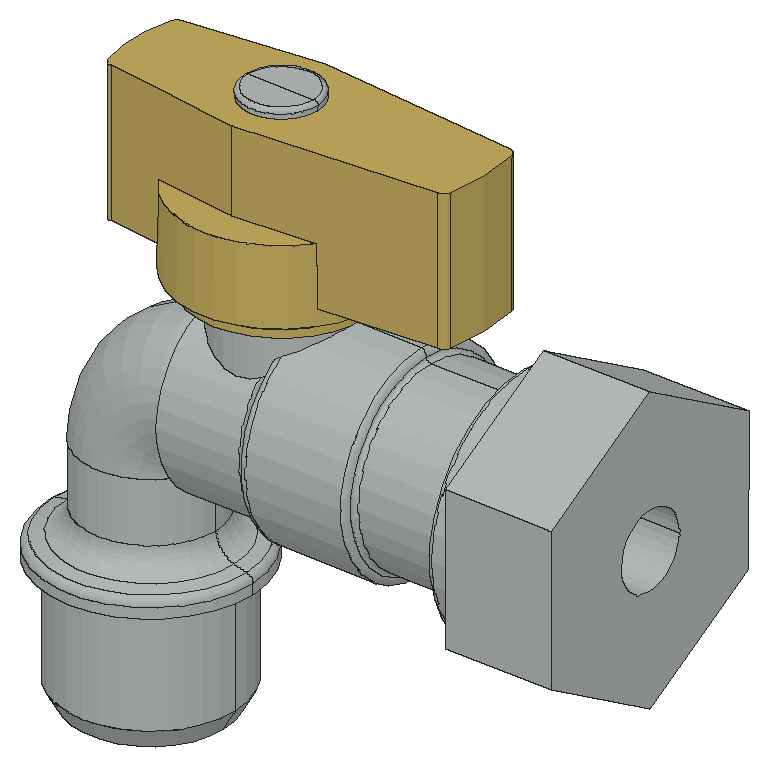
Revit family "QP21800000", category Apparecchi idraulici, Revit 2020
Family settings
  Quota connettore circolare = Usa diametro
  Tipo di parte = Normale
  Numero OmniClass = 23.45.00.00
  Titolo OmniClass = Sanitary, Laundry, and Cleaning Equipment
  Basato su piano di lavoro = No
  Sempre verticale = Sì
  Taglio con vuoti quando caricato = No
  Condiviso = No
  Punto di calcolo locali = No
Parameters
  URL = "https://web.cimberio.com/index.php/figura/142?subcategoria_id=95875"
  Temperatura di esercizio = "-20 ÷ 60°C"
  Prospetto di default = 0 mm
  Produttore = "CIMBERIO SPA"
  Pressione nominale = "MOP 5"
  Modello = "Cim 185"
  Materiale = "Prodotto in lega di ottone conforme alla norma EN 12165-CW617N-DW"
  Descrizione = "Utilizzato nell’impiantistica distributiva di gas a bassa pressione per le categorie:\r\nGas naturali: gas derivati dal petrolio (Metano) e gas di ricambio.\r\nGas di città: prodotti secondo i diversi procedimenti (Cracking - Cokerie - ecc.).\r\nGas liquidi: propano e miscele di gas propano/butano"
  DN Model [instance] = QP21802099 : QP21802099
  DN [instance] = 9 mm
  Commenti sul tipo = "Realizzato in ottemperanza ai requisiti gestionali della norma EN ISO 9001.\r\nCollaudato al 100% secondo la normativa EN 12266-1"
Reference planes
  plane 1 "Centro (Fronte/Retro)": y = 0
  plane 2: z = 0
  plane 3 "Centro (Sinistra/Destra)": x = 0
Dimensions and locks
  aligned and locked: level to plane 2
Nested families
  nested 1: "QP21802099" at (0, 0, 0), type <- "DN Model", type "QP21802099"
  nested 2: "QP21802099" at (0, 0, 0), type <- "DN Model", type "QP21802099"
Connectors
  piping at (45.25, 0, 0), diameter 9, driven by "DN"
    settings: on nested 1, index 1, connector inside diameter 609.6 mm, connector length 0 mm, flow factor 0, pipe flow 0.0 L/s, pressure drop 0.0 Pa, fitting loss kfactor 0, connector angle 0.00°, fixture units 0, engagement length 0 mm, angle of deflection 0.00°, flow configuration 0, flow direction 0, fitting loss method 0, system type 7, joint type 0, gender type 0, connector reference index -1, connector utility 0, adjustable connector no, is connector primary yes, connector description ""
  piping at (-16, 0, -37.983), diameter 9, driven by "DN"
    settings: on nested 1, index 2, connector inside diameter 609.6 mm, connector length 0 mm, flow factor 0, pipe flow 0.0 L/s, pressure drop 0.0 Pa, fitting loss kfactor 0, connector angle 0.00°, fixture units 0, engagement length 0 mm, angle of deflection 0.00°, flow configuration 0, flow direction 0, fitting loss method 0, system type 7, joint type 0, gender type 0, connector reference index -1, connector utility 0, adjustable connector no, is connector primary no, connector description ""
Definition of nested family "QP21802099"
  Parameters (values of type "QP21802099")
    URL = ""
    Default Elevation = 0 mm
    Manufacturer = ""
    Model = ""
    Description = ""
    Type Comments = ""
  Reference planes
    plane 1 "Centro (Fronte/Retro)": y = 0
    plane 2: z = 0
    plane 3 "Centro (Sinistra/Destra)": x = 0
  Forms (mm)
    Revolve 1, solid
      sketch origin (0.744, 0, 1.406) x (1, 0, 0) y (0, 0, 1)
        loop
          line (11.146, 13.716) -> (10.988, 22.789) -> (-0.448, 22.789) -> (-0.448, 11.85) -> (9.552, 11.85) -> (9.552, 12.795) -> (11.146, 13.716)
        axis (-0.754, 11.85) -> (-0.754, 22.789)
      angle from 0 to 360
    Revolve 2, solid
      sketch origin (0.751, 0, 1.446) x (1, 0, 0) y (0, 0, 1)
        loop
          arc (3.746, 33.15) -> (3.6, 33.504) -> (3.246, 33.65) r 0.5
          line (3.246, 33.65) -> (-0.754, 33.65) -> (-0.754, 31.443) -> (3.746, 31.443) -> (3.746, 33.15)
        axis (-0.754, 33.65) -> (-0.754, 31.443)
      angle from 0 to 360
    Extrusion 3, solid
      sketch origin (1.758, 0, 1.45) x (1, 0, 0) y (0, 1, 0)
        loop
          arc (-19.114, 4.772) -> (-19.758, -0.042) -> (-19.091, -4.852) r 18
          arc (-19.091, -4.852) -> (-18.778, -5.343) -> (-18.244, -5.576) r 1
          line (-18.244, -5.576) -> (-1.755, -7.5) -> (21.908, -5.5)
          arc (21.908, -5.5) -> (22.493, -5.247) -> (22.806, -4.691) r 1
          arc (22.806, -4.691) -> (23.25, 0) -> (22.806, 4.691) r 25
          arc (22.806, 4.691) -> (22.489, 5.25) -> (21.897, 5.501) r 1
          line (21.897, 5.501) -> (-2.38, 7.425) -> (-18.27, 5.5)
          arc (-18.27, 5.5) -> (-18.802, 5.265) -> (-19.114, 4.772) r 1
      from 15.62 to 32.65
    Revolve 4, solid
      sketch origin (1.758, 0, 0) x (1, 0, 0) y (0, 0, 1)
        loop
          line (-0.754, 4.83) -> (7.416, 4.83) -> (7.416, 16.081) -> (-0.754, 16.081) -> (-0.754, 4.83)
        axis (-0.754, 16.081) -> (-0.754, 4.83)
      angle from 0 to 360
    Revolve 5, solid
      sketch origin (0, 0, 0) x (1, 0, 0) y (0, 0, 1)
        loop
          line (30.25, -14.733) -> (32.25, -14.733) -> (32.25, -4.5) -> (-6.523, -4.5) -> (-6.523, -10.983) -> (3.557, -10.983)
          arc (3.557, -10.983) -> (4.268, -11.328) -> (4.711, -11.983) r 1.528
          arc (4.711, -11.983) -> (5.077, -12.349) -> (5.577, -12.483) r 1
          line (5.577, -12.483) -> (17.3, -12.483)
          arc (17.3, -12.483) -> (17.636, -12.081) -> (17.8, -11.583) r 1.391
          arc (17.8, -11.583) -> (17.946, -11.229) -> (18.3, -11.083) r 0.5
          line (18.3, -11.083) -> (29.75, -11.083) -> (29.75, -14.233)
          arc (29.75, -14.233) -> (29.896, -14.587) -> (30.25, -14.733) r 0.5
        axis (-6.523, 0) -> (32.25, 0)
      angle from 0 to 360
    Extrusion 6, solid
      sketch origin (0, 0, 0) x (0, 1, 0) y (0, 0, 1)
        loop
          circle (0, 0) r 4.5
        loop
          line (0, 17.4) -> (-15.069, 8.7) -> (-15.069, -8.7) -> (0, -17.4) -> (15.069, -8.7) -> (15.069, 8.7) -> (0, 17.4)
      from 32.25 to 45.25
    Revolve 7, solid
      sketch origin (0, 0, 0) x (1, 0, 0) y (0, 0, 1)
        loop
          line (-20.5, -21.983) -> (-26.45, -21.983) -> (-26.45, -35.483) -> (-25.007, -37.983) -> (-20.5, -37.983) -> (-20.5, -21.983)
        axis (-16, -37.983) -> (-16, -21.983)
      angle from 0 to 360
    Revolve 8, solid
      sketch origin (0, 0, 0) x (1, 0, 0) y (0, 0, 1)
        loop
          line (-20.5, -16.475) -> (-24, -16.475)
          arc (-24, -16.475) -> (-24.62, -18.302) -> (-26.224, -19.373) r 3
          line (-26.224, -19.373) -> (-27.759, -19.784)
          arc (-27.759, -19.784) -> (-28.293, -20.142) -> (-28.5, -20.75) r 1
          line (-28.5, -20.75) -> (-28.5, -21.983) -> (-20.5, -21.983) -> (-20.5, -16.475)
        axis (-16, -16.475) -> (-16, -21.983)
      angle from 0 to 360
    Sweep 9, solid
      path origin (0, 0, 0) x (1, 0, 0) y (0, 0, 1)
        loop
          arc (-6.523, 0) -> (-13.208, -2.611) -> (-16, -9.222) r 9.226
          line (-16, -9.222) -> (-16, -16.475)
      profile origin (-16, 0, -12.849) x (0, -1, 0) y (1, 0, 0)
        loop
          circle (0, 0) r 8
        loop
          circle (0, 0) r 4.5
  Dimensions and locks
    aligned and locked: level to plane 2
